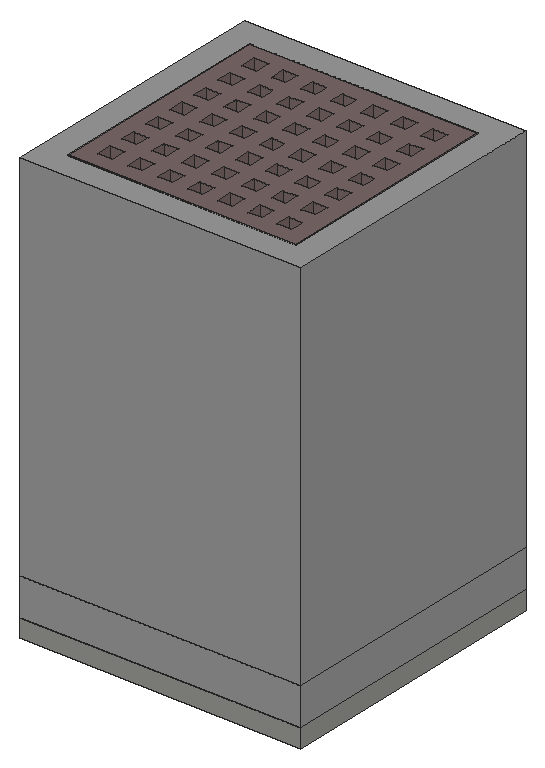
Revit family "陰井", category 一般模型, Revit 2014
Parameters (values of type "陰井75x75cm")
  長度 = 75.00 cm
  深度 = 淨深度 + 15.00 cm  # 115.00 cm
  淨深度 = 100.00 cm
  寬度 = 75.00 cm
Reference planes (cm)
  plane 1 "中心 (前/後)": y = 0
  plane 2: z = 0
  plane 3 "中心 (左/右)": x = 0
  plane 4: z = -100
  plane 5: z = -110
Forms (cm)
  Extrusion 1, solid, material "混凝土_4000psi_RC"
    sketch origin (0, 0, 0) x (1, 0, 0) y (0, 1, 0)
      loop
        line (0, 0) -> (0, -75) -> (75, -75) -> (75, 0) -> (0, 0)
      loop
        line (10, -10) -> (10, -65) -> (65, -65) -> (65, -10) -> (10, -10)
    from -100 to 0
  Extrusion 2, solid, material "混凝土_4000psi_RC"
    sketch origin (0, -152.4, -100) x (-1, 0, 0) y (0, -1, 0)
      loop
        line (0, -152.4) -> (0, -77.4) -> (-75, -77.4) -> (-75, -152.4) -> (0, -152.4)
    from 0 to -10
  Extrusion 3, solid, material "混凝土_2000psi_PC"
    sketch origin (0, -152.4, -110) x (-1, 0, 0) y (0, -1, 0)
      loop
        line (0, -152.4) -> (0, -77.4) -> (-75, -77.4) -> (-75, -152.4) -> (0, -152.4)
    from 0 to -5
  Extrusion 4, void
    sketch origin (0, 0, 0) x (1, 0, 0) y (0, 1, 0)
      loop
        line (7, -7) -> (7, -68) -> (68, -68) -> (68, -7) -> (7, -7)
    from 0 to -3
Cuts and joins
  Extrusion 4 cuts Extrusion 1
Dimensions and locks (cm)
  "淨深度": level to plane 4
  locked: cut or joined group of Extrusion 1, Extrusion 4 to cut or joined group of Extrusion 1, Extrusion 4 at 3  (x4)
  "寬度": cut or joined group of Extrusion 1, Extrusion 4 to cut or joined group of Extrusion 1, Extrusion 4  (x3)
  "長度": cut or joined group of Extrusion 1, Extrusion 4 to cut or joined group of Extrusion 1, Extrusion 4  (x3)
  "長度": Extrusion 2 sketch curve to Extrusion 2 sketch curve
  "寬度": Extrusion 2 sketch curve to Extrusion 2 sketch curve
  "寬度": Extrusion 3 sketch curve to Extrusion 3 sketch curve
  "長度": Extrusion 3 sketch curve to Extrusion 3 sketch curve
  aligned and locked: level to plane 2
  aligned and locked: Extrusion 2 to plane 4
  aligned and locked: Extrusion 1 to plane 4
Automatic sketch dimensions
  Extrusion 1 sketch curve to plane 3 "中心 (左/右)" = 0.00 cm
  plane 1 "中心 (前/後)" to Extrusion 1 sketch curve = 0.00 cm
  plane 1 "中心 (前/後)" to Extrusion 1 sketch curve = 75.00 cm
  plane 3 "中心 (左/右)" to Extrusion 1 sketch curve = 10.00 cm
  Extrusion 1 sketch curve to Extrusion 1 sketch curve = 55.00 cm
  Extrusion 1 sketch curve to Extrusion 1 sketch curve = 10.00 cm  (x2)
  plane 1 "中心 (前/後)" to Extrusion 1 sketch curve = 10.00 cm
  plane 1 "中心 (前/後)" to Extrusion 4 sketch curve = 7.00 cm
  plane 3 "中心 (左/右)" to Extrusion 4 sketch curve = 68.00 cm
  plane 1 "中心 (前/後)" to Extrusion 4 sketch curve = 68.00 cm
  plane 3 "中心 (左/右)" to Extrusion 4 sketch curve = 7.00 cm
  plane 1 "中心 (前/後)" to Extrusion 2 sketch curve = 0.00 cm
  Extrusion 2 sketch curve to plane 3 "中心 (左/右)" = 0.00 cm
  plane 1 "中心 (前/後)" to Extrusion 3 sketch curve = 0.00 cm
  Extrusion 3 sketch curve to plane 3 "中心 (左/右)" = 0.00 cm
Nested families (cm)
  nested 1: "陰井人孔蓋_75x75cm" at (7, -7, 0), type "陰井人孔蓋_75x75cm"
Definition of nested family "陰井人孔蓋_75x75cm"
  Reference planes (cm)
    plane 1 "中心 (前/後)": y = 0
    plane 2: z = 0
    plane 3 "中心 (左/右)": x = 0
  Forms (cm)
    Extrusion 1, solid, material "鐵、鍛造"
      sketch origin (0, 0, 0) x (1, 0, 0) y (0, 1, 0)
        loop
          line (0, 0) -> (0, -61) -> (61, -61) -> (61, 0) -> (0, 0)
        loop
          line (4.5, -8.5) -> (8.5, -8.5) -> (8.5, -4.5) -> (4.5, -4.5) -> (4.5, -8.5)
        loop
          line (12.5, -8.5) -> (16.5, -8.5) -> (16.5, -4.5) -> (12.5, -4.5) -> (12.5, -8.5)
        loop
          line (20.5, -8.5) -> (24.5, -8.5) -> (24.5, -4.5) -> (20.5, -4.5) -> (20.5, -8.5)
        loop
          line (28.5, -8.5) -> (32.5, -8.5) -> (32.5, -4.5) -> (28.5, -4.5) -> (28.5, -8.5)
        loop
          line (36.5, -8.5) -> (40.5, -8.5) -> (40.5, -4.5) -> (36.5, -4.5) -> (36.5, -8.5)
        loop
          line (44.5, -8.5) -> (48.5, -8.5) -> (48.5, -4.5) -> (44.5, -4.5) -> (44.5, -8.5)
        loop
          line (52.5, -8.5) -> (56.5, -8.5) -> (56.5, -4.5) -> (52.5, -4.5) -> (52.5, -8.5)
        loop
          line (4.5, -16.5) -> (8.5, -16.5) -> (8.5, -12.5) -> (4.5, -12.5) -> (4.5, -16.5)
        loop
          line (12.5, -16.5) -> (16.5, -16.5) -> (16.5, -12.5) -> (12.5, -12.5) -> (12.5, -16.5)
        loop
          line (20.5, -16.5) -> (24.5, -16.5) -> (24.5, -12.5) -> (20.5, -12.5) -> (20.5, -16.5)
        loop
          line (28.5, -16.5) -> (32.5, -16.5) -> (32.5, -12.5) -> (28.5, -12.5) -> (28.5, -16.5)
        loop
          line (36.5, -16.5) -> (40.5, -16.5) -> (40.5, -12.5) -> (36.5, -12.5) -> (36.5, -16.5)
        loop
          line (44.5, -16.5) -> (48.5, -16.5) -> (48.5, -12.5) -> (44.5, -12.5) -> (44.5, -16.5)
        loop
          line (52.5, -16.5) -> (56.5, -16.5) -> (56.5, -12.5) -> (52.5, -12.5) -> (52.5, -16.5)
        loop
          line (4.5, -24.5) -> (8.5, -24.5) -> (8.5, -20.5) -> (4.5, -20.5) -> (4.5, -24.5)
        loop
          line (12.5, -24.5) -> (16.5, -24.5) -> (16.5, -20.5) -> (12.5, -20.5) -> (12.5, -24.5)
        loop
          line (20.5, -24.5) -> (24.5, -24.5) -> (24.5, -20.5) -> (20.5, -20.5) -> (20.5, -24.5)
        loop
          line (28.5, -24.5) -> (32.5, -24.5) -> (32.5, -20.5) -> (28.5, -20.5) -> (28.5, -24.5)
        loop
          line (36.5, -24.5) -> (40.5, -24.5) -> (40.5, -20.5) -> (36.5, -20.5) -> (36.5, -24.5)
        loop
          line (44.5, -24.5) -> (48.5, -24.5) -> (48.5, -20.5) -> (44.5, -20.5) -> (44.5, -24.5)
        loop
          line (52.5, -24.5) -> (56.5, -24.5) -> (56.5, -20.5) -> (52.5, -20.5) -> (52.5, -24.5)
        loop
          line (4.5, -32.5) -> (8.5, -32.5) -> (8.5, -28.5) -> (4.5, -28.5) -> (4.5, -32.5)
        loop
          line (12.5, -32.5) -> (16.5, -32.5) -> (16.5, -28.5) -> (12.5, -28.5) -> (12.5, -32.5)
        loop
          line (20.5, -32.5) -> (24.5, -32.5) -> (24.5, -28.5) -> (20.5, -28.5) -> (20.5, -32.5)
        loop
          line (28.5, -32.5) -> (32.5, -32.5) -> (32.5, -28.5) -> (28.5, -28.5) -> (28.5, -32.5)
        loop
          line (36.5, -32.5) -> (40.5, -32.5) -> (40.5, -28.5) -> (36.5, -28.5) -> (36.5, -32.5)
        loop
          line (44.5, -32.5) -> (48.5, -32.5) -> (48.5, -28.5) -> (44.5, -28.5) -> (44.5, -32.5)
        loop
          line (52.5, -32.5) -> (56.5, -32.5) -> (56.5, -28.5) -> (52.5, -28.5) -> (52.5, -32.5)
        loop
          line (4.5, -40.5) -> (8.5, -40.5) -> (8.5, -36.5) -> (4.5, -36.5) -> (4.5, -40.5)
        loop
          line (12.5, -40.5) -> (16.5, -40.5) -> (16.5, -36.5) -> (12.5, -36.5) -> (12.5, -40.5)
        loop
          line (20.5, -40.5) -> (24.5, -40.5) -> (24.5, -36.5) -> (20.5, -36.5) -> (20.5, -40.5)
        loop
          line (28.5, -40.5) -> (32.5, -40.5) -> (32.5, -36.5) -> (28.5, -36.5) -> (28.5, -40.5)
        loop
          line (36.5, -40.5) -> (40.5, -40.5) -> (40.5, -36.5) -> (36.5, -36.5) -> (36.5, -40.5)
        loop
          line (44.5, -40.5) -> (48.5, -40.5) -> (48.5, -36.5) -> (44.5, -36.5) -> (44.5, -40.5)
        loop
          line (52.5, -40.5) -> (56.5, -40.5) -> (56.5, -36.5) -> (52.5, -36.5) -> (52.5, -40.5)
        loop
          line (4.5, -48.5) -> (8.5, -48.5) -> (8.5, -44.5) -> (4.5, -44.5) -> (4.5, -48.5)
        loop
          line (12.5, -48.5) -> (16.5, -48.5) -> (16.5, -44.5) -> (12.5, -44.5) -> (12.5, -48.5)
        loop
          line (20.5, -48.5) -> (24.5, -48.5) -> (24.5, -44.5) -> (20.5, -44.5) -> (20.5, -48.5)
        loop
          line (28.5, -48.5) -> (32.5, -48.5) -> (32.5, -44.5) -> (28.5, -44.5) -> (28.5, -48.5)
        loop
          line (36.5, -48.5) -> (40.5, -48.5) -> (40.5, -44.5) -> (36.5, -44.5) -> (36.5, -48.5)
        loop
          line (44.5, -48.5) -> (48.5, -48.5) -> (48.5, -44.5) -> (44.5, -44.5) -> (44.5, -48.5)
        loop
          line (52.5, -48.5) -> (56.5, -48.5) -> (56.5, -44.5) -> (52.5, -44.5) -> (52.5, -48.5)
        loop
          line (4.5, -56.5) -> (8.5, -56.5) -> (8.5, -52.5) -> (4.5, -52.5) -> (4.5, -56.5)
        loop
          line (12.5, -56.5) -> (16.5, -56.5) -> (16.5, -52.5) -> (12.5, -52.5) -> (12.5, -56.5)
        loop
          line (20.5, -56.5) -> (24.5, -56.5) -> (24.5, -52.5) -> (20.5, -52.5) -> (20.5, -56.5)
        loop
          line (28.5, -56.5) -> (32.5, -56.5) -> (32.5, -52.5) -> (28.5, -52.5) -> (28.5, -56.5)
        loop
          line (36.5, -56.5) -> (40.5, -56.5) -> (40.5, -52.5) -> (36.5, -52.5) -> (36.5, -56.5)
        loop
          line (44.5, -56.5) -> (48.5, -56.5) -> (48.5, -52.5) -> (44.5, -52.5) -> (44.5, -56.5)
        loop
          line (52.5, -56.5) -> (56.5, -56.5) -> (56.5, -52.5) -> (52.5, -52.5) -> (52.5, -56.5)
      from 0 to -5
  Dimensions and locks (cm)
    aligned and locked: level to plane 2
